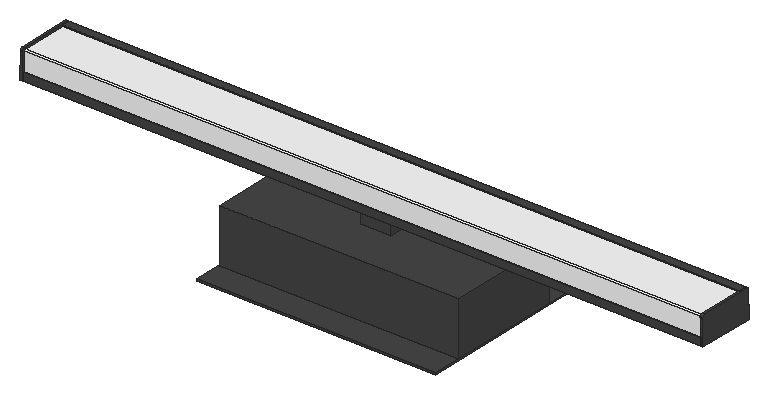
Revit family "AFX-Tonya-Led_Vanity", category Lighting Fixtures, host Face, Revit 2021
Family settings
  Host = Face
  Round Connector Dimension = Use Diameter
  Part Type = Normal
  Cut with Voids When Loaded = No
  Light Source = Yes
  Shared = No
  Room Calculation Point = No
Parameters (values of type "TNYV1803LAJUDBK")
  Wattage Comments = "9"
  Wattage = 9.2903 W
  built-in parameter 1150110 = 1 (stored number, unit not read)
  Voltage = 120 V
  URL = "https://www.afxinc.com/"
  Type Comments = "Tonya"  # constant formula
  built-in parameter 1114217 = 1 (stored number, unit not read)
  Tilt Angle = 0.00°
  built-in parameter 1150109 = 1 (stored number, unit not read)
  built-in parameter 1150134 = 3
  Sustainability = "https://lamprecycle.org/en/"
  built-in parameter 1150113 = 1 (stored number, unit not read)
  Supports Finish = AFX - Black Steel
  Revit File Built By = "https://servex-us.com/servex-revit/"
  Product Documentation Link = "https://www.afxinc.com/products/productDetail.cfm?productID=2640"
  Power Factor = 1
  Photometric Web File = "TNYV1803LAJUDBK_3000K_IES.IES"
  built-in parameter 1150142 = "IESNA:LM-63-2002\r\n[TEST] LCZP23110283\r\n[TESTLAB] LCTECH 231227103001\r\n[TESTDATE] 2023/12/30\r\n[ISSUEDATE] 2023/12/30\r\n[MANUFAC] 革星\r\n[LUMCAT] LVF-091801D-D-5\r\n[LUMINAIRE] LED灯??\r\n[LAMPCAT] \r\n[LAMP] \r\n[LumELE] 120.06 0.079 9.16 0.9682\r\nTILT=NONE\r\n1 732.13 1 37 13 1 2 .01 .45 .03\r\n1 1 9.16\r\n0.00 5.00 10.00 15.00 20.00 25.00 30.00 35.00 40.00 45.00 50.00 55.00 60.00 65.00 70.00 75.00 80.00 85.00 90.00 95.00 100.00 105.00 110.00 115.00 120.00 125.00 130.00 135.00 140.00 145.00 150.00 155.00 160.00 165.00 170.00 175.00 180.00\r\n0.00 15.00 30.00 45.00 60.00 75.00 90.00 105.00 120.00 135.00 150.00 165.00 180.00\r\n56.512 60.303 72.31 87.837 104.357 120.426 135.051 149.314 162.313 173.778 183.799 192.285 199.145 204.201 207.992 209.708 209.798 208.263 206.097 203.569 200.59 195.715 189.125 180.91 171.702 161.862 150.217 137.307 123.044 107.427 91.719 75.379 58.317 \r\n40.985 24.464 8.305 0.235\r\n56.512 60.111 71.27 86.072 101.505 117.073 131.741 145.329 157.341 168.231 177.679 185.373 191.852 196.621 199.591 200.76 200.67 199.276 197.16 194.866 191.941 187.397 181.232 173.584 164.765 154.507 143.528 131.066 117.927 102.764 86.836 71.179 55.746 \r\n39.234 22.091 7.469 0.235\r\n56.512 59.486 68.724 81.028 94.908 107.887 121.137 132.763 143.489 152.818 160.93 167.464 172.512 176.027 178.145 178.776 178.10 176.253 174.09 172.108 169.359 165.393 159.76 153.045 144.888 136.146 126.051 114.875 102.527 89.458 75.126 61.922 47.546 \r\n33.349 17.261 5.499 0.235\r\n56.512 58.215 64.518 73.281 83.251 93.533 103.10 111.861 119.866 126.883 132.472 137.164 140.606 142.796 143.555 142.973 141.408 139.17 137.022 135.096 132.815 129.506 125.08 119.715 113.322 106.035 98.078 88.911 78.227 68.257 57.529 46.668 34.998 24.001 \r\n12.334 3.257 0.235\r\n56.512 57.907 61.152 66.111 73.97 77.38 82.70 87.93 92.347 96.044 98.885 100.869 101.861 101.863 101.188 99.477 96.908 93.937 91.734 90.251 88.585 86.196 83.13 79.164 74.837 69.383 62.941 56.493 49.91 42.922 36.026 28.27 19.571 12.537 5.459 1.625 0.235\r\n56.512 57.05 57.634 58.578 59.478 60.333 61.009 61.459 61.55 61.281 60.473 59.08 57.148 54.811 51.80 48.428 44.833 41.149 38.727 37.381 36.482 35.358 33.828 31.939 29.645 27.262 24.697 21.908 18.894 15.206 11.832 8.326 5.22 3.241 1.396 0.54 0.235\r\n56.512 56.291 55.495 54.257 52.488 50.41 47.933 44.926 41.654 38.073 34.225 29.848 25.47 20.871 15.83 11.055 6.633 3.228 1.327 0.575 0.575 0.398 0.354 0.31 0.265 0.221 0.177 0.221 0.177 0.221 0.31 0.354 0.354 0.442 0.442 0.442 0.235\r\n56.512 55.704 54.626 53.098 51.076 48.694 45.818 42.717 39.256 35.39 31.479 26.805 22.489 17.634 12.824 7.789 2.839 0.991 0.494 0.54 0.45 0.404 0.36 0.225 0.135 0.09 0.045 0.00 0.045 0.045 0.09 0.09 0.179 0.269 0.224 0.359 0.235\r\n56.512 55.747 54.487 52.731 50.705 48.183 45.345 42.011 38.498 34.714 30.389 26.107 21.602 16.243 8.672 4.061 2.168 1.173 0.901 0.901 0.811 0.676 0.632 0.451 0.451 0.18 0.045 0.00 0.09 0.00 0.045 0.09 0.135 0.135 0.224 0.36 0.235\r\n56.512 55.083 53.741 51.816 49.714 47.298 44.257 40.992 37.459 33.479 29.544 25.25 18.361 10.493 6.879 4.465 2.365 1.386 1.341 1.252 1.252 1.117 0.894 0.715 0.672 0.403 0.179 0.045 0.045 0.00 0.00 0.045 0.09 0.179 0.269 0.268 0.235\r\n56.512 55.476 54.124 52.186 50.791 47.32 44.346 40.831 37.316 33.395 29.25 21.859 13.793 9.961 7.302 4.823 2.615 1.803 1.758 1.712 1.667 1.487 1.262 1.037 0.766 0.541 0.361 0.135 0.09 0.045 0.135 0.09 0.045 0.18 0.225 0.27 0.235\r\n56.512 55.342 54.037 52.147 49.852 47.197 44.048 40.673 38.422 33.114 26.86 18.806 12.957 10.303 7.513 4.994 3.465 1.935 1.98 2.07 1.98 1.665 1.44 1.26 0.90 0.675 0.45 0.18 0.09 0.09 0.09 0.045 0.09 0.18 0.18 0.27 0.235\r\n56.512 55.429 53.894 51.908 49.561 46.943 43.964 40.714 37.283 33.402 26.36 18.145 16.34 10.472 7.673 4.965 2.799 2.167 2.167 2.076 1.986 1.805 1.444 1.264 1.083 0.632 0.451 0.181 0.181 0.09 0.181 0.181 0.181 0.181 0.181 0.271 0.235\r\n"
  Model = "TNYV1803LAJUDBK"
  Manufacturer = "AFX Inc"  # constant formula
  built-in parameter 1150105 = 109.82 (stored number, unit not read)
  Lumens = 1380 lm
  built-in parameter 1150115 = 1 (stored number, unit not read)
  built-in parameter 1150137 = (empty or 0)
  built-in parameter 1150139 = (empty or 0)
  Length = 18"
  built-in parameter 1150112 = 1 (stored number, unit not read)
  built-in parameter 1150114 = 1 (stored number, unit not read)
  Lamp = ""
  Keynote = "12500"  # constant formula
  built-in parameter 1150132 = (empty or 0)
  built-in parameter 1150102 = (empty or 0)
  built-in parameter 1150107 = 3200 (stored number, unit not read)
  built-in parameter 1150138 = (empty or 0)
  built-in parameter 1150106 = 1.0982 (stored number, unit not read)
  Housing Finish = AFX - Black Steel
  Height = 3"
  H SU = 3 7/8"
  Emit from Line Length = 18"
  built-in parameter 1150104 = 13.8 (stored number, unit not read)
  Dist SU = 7 1/8"
  Dimming Lamp Color Temperature Shift = <None>
  Diffuser Finish = AFX - White Acrylic
  Description = "Led Vanity - 18\"L x 3\"H x 2 3/4\"D"
  Depth = 2 3/4"
  Default Elevation = 48"
  Cover Finish = AFX - Black Steel
  Colour Rendering Index = "80"
  Color Filter = 16777215
  built-in parameter 1114218 = 1 (stored number, unit not read)
  built-in parameter 1150133 = 10 (stored number, unit not read)
  Assembly Code = "D5020200"
  Apparent Load = 0 VA
Reference planes (in)
  plane 1 "Center (Front/Back)": y = 0.13952
  plane 2: z = 0
  plane 3 "Center (Left/Right)": x = 0
  plane 4: x = -9
  plane 5: x = 9
  plane 6: y = 1.51452
  plane 7: y = -1.23548
  plane 8: z = 3
  plane 9: x = -8.93701
  plane 10: x = 8.93701
  plane 11: z = 1.45669
  plane 12: z = 0.03937
Forms (in)
  Extrusion 1, solid, material "AFX - Black Steel" <- "Cover Finish"
    sketch origin (0, 0, 0) x (0, 1, 0) y (0, 0, 1)
      loop
        line (0.88755, 2.79528) -> (-0.53093, 2.79528)
        arc (-0.53093, 2.79528) -> (-0.58579, 2.77255) -> (-0.60851, 2.71769) r 0.07758
        line (-0.60851, 2.71769) -> (-0.60851, 2.04725) -> (0.88755, 2.04725) -> (0.88755, 2.79528)
    from -9 to -8.93701
  Extrusion 2, solid, material "AFX - Black Steel" <- "Cover Finish"
    sketch origin (0, 0, 0) x (0, 1, 0) y (0, 0, -1)
      loop
        line (0.88755, -2.79528) -> (0.88755, -2.04725) -> (-0.60851, -2.04725) -> (-0.60851, -2.71769)
        arc (-0.60851, -2.71769) -> (-0.58579, -2.77255) -> (-0.53093, -2.79528) r 0.07758
        line (-0.53093, -2.79528) -> (0.88755, -2.79528)
    from -9 to -8.93701
  Extrusion 3, solid, material "AFX - White Acrylic" <- "Diffuser Finish"
    sketch origin (0, 0, 0) x (0, 1, 0) y (0, 0, 1)
      loop
        line (0.83637, 2.75591) -> (-0.53171, 2.75591)
        arc (-0.53171, 2.75591) -> (-0.55818, 2.74494) -> (-0.56914, 2.71847) r 0.03743
        line (-0.56914, 2.71847) -> (-0.56914, 2.09843) -> (-0.5219, 2.09843) -> (-0.5219, 2.70866) -> (0.83637, 2.70866) -> (0.83637, 2.75591)
    from -8.93701 to 8.93701
  Extrusion 4, solid, material "AFX - Black Steel" <- "Cover Finish"
    sketch origin (0, 0, 0) x (0, 1, 0) y (0, 0, 1)
      loop
        line (0.6907, 2.79528) -> (0.6907, 2.75591) -> (0.84818, 2.75591) -> (0.84818, 2.69685) -> (-0.5219, 2.69685) -> (-0.5219, 2.08662) -> (-0.56914, 2.08662) -> (-0.56914, 2.24409) -> (-0.60851, 2.24409) -> (-0.60851, 2.04725) -> (0.88755, 2.04725) -> (0.88755, 2.79528) -> (0.6907, 2.79528)
    from -8.93701 to 8.93701
  Extrusion 5, solid, material "AFX - Black Steel" <- "Housing Finish"
    sketch origin (0, 0, 0) x (1, 0, 0) y (0, 1, 0)
      loop
        line (-0.3937, -0.13607) -> (0.3937, -0.13607) -> (0.3937, 0.65133) -> (-0.3937, 0.65133) -> (-0.3937, -0.13607)
    from 1.45669 to 2.04725
  Extrusion 6, solid, material "AFX - Black Steel" <- "Supports Finish"
    sketch origin (0, 0, 0) x (1, 0, 0) y (0, 1, 0)
      loop
        line (3.14961, -2.10457) -> (3.14961, 2.38362) -> (-3.14961, 2.38362) -> (-3.14961, -2.10457) -> (3.14961, -2.10457)
    from 0 to 0.03937
  Extrusion 7, solid, material "AFX - Black Steel" <- "Housing Finish"
    sketch origin (0, 0, 0) x (1, 0, 0) y (0, 1, 0)
      loop
        line (3.14961, 1.63558) -> (-3.14961, 1.63558) -> (-3.14961, -1.35654) -> (3.14961, -1.35654) -> (3.14961, 1.63558)
    from 0.03937 to 1.45669
Lines and regions (in)
  symbolic lines
    curve 1: line (9, 0.13952, 2.79528) -> (-9, 0.13952, 2.79528)
    curve 2: line (-9, 0.13952, 2.04725) -> (9, 0.13952, 2.04725)
    curve 3: line (9, 0.13952, 2.04725) -> (9, 0.13952, 2.79528)
    curve 4: line (8.93701, 0.13952, 2.79528) -> (8.93701, 0.13952, 2.04725)
    curve 5: line (-9, 0.13952, 2.79528) -> (-9, 0.13952, 2.04725)
    curve 6: line (-8.93701, 0.13952, 2.79528) -> (-8.93701, 0.13952, 2.04725)
    curve 7: line (0.3937, 0.13952, 1.45669) -> (0.3937, 0.13952, 2.04725)
    curve 8: line (-0.3937, 0.13952, 1.45669) -> (-0.3937, 0.13952, 2.04725)
    curve 9: line (3.14961, 0.13952, 1.45669) -> (3.14961, 0.13952, 0)
    curve 10: line (3.14961, 0.13952, 0) -> (-3.14961, 0.13952, 0)
    curve 11: line (-3.14961, 0.13952, 0) -> (-3.14961, 0.13952, 1.45669)
    curve 12: line (-3.14961, 0.13952, 1.45669) -> (3.14961, 0.13952, 1.45669)
Dimensions and locks (in)
  plane 6 to plane 1 "Center (Front/Back)" = 1 3/8"
  "Length": plane 4 to plane 5
  equal spacing: plane 4, plane 3 "Center (Left/Right)", plane 5
  equal spacing: plane 7, plane 1 "Center (Front/Back)", plane 6
  "Depth": plane 7 to plane 6
  "Height": plane 8 to plane 2
  locked: plane 10 to plane 5 at 0.06299
  locked: plane 4 to plane 9 at 0.06299
  Extrusion 5 sketch curve to plane 3 "Center (Left/Right)" to Extrusion 5 sketch curve = 0.3937" locked, 0.3937" locked
  locked: plane 6 to Extrusion 5 sketch curve at 0.86319
  locked: plane 7 to Extrusion 5 sketch curve at 1.09941
  equal spacing: Extrusion 6 sketch curve, plane 3 "Center (Left/Right)", Extrusion 6 sketch curve, locked at 3.14961 each
  equal spacing: Extrusion 6 sketch curve, plane 1 "Center (Front/Back)", Extrusion 6 sketch curve, locked at 2.24409 each
  equal spacing: Extrusion 7 sketch curve, plane 3 "Center (Left/Right)", Extrusion 7 sketch curve, locked at 3.14961 each
  equal spacing: Extrusion 7 sketch curve, plane 1 "Center (Front/Back)", Extrusion 7 sketch curve, locked at 1.49606 each
  plane 11 to plane 12 to plane 2 = 1.41732" locked, 0.03937" locked
  aligned and locked: host face to plane 2
  aligned and locked: level to host face
  aligned and locked: plane 4 to Extrusion 1
  aligned and locked: Extrusion 1 to plane 4
  aligned and locked: Extrusion 1 to plane 9
  aligned and locked: plane 5 to Extrusion 2
  aligned and locked: Extrusion 2 to plane 10
  aligned and locked: plane 9 to Extrusion 3
  aligned and locked: plane 10 to Extrusion 3
  aligned and locked: plane 9 to Extrusion 4
  aligned and locked: plane 10 to Extrusion 4
  aligned and locked: Extrusion 5 to Extrusion 4
  aligned and locked: plane 11 to Extrusion 5
  aligned and locked: Extrusion 7 to plane 11
  aligned and locked: plane 12 to Extrusion 7
Automatic sketch dimensions
  host sketch curve to host sketch curve = 96"  (x2)
  Extrusion 1 sketch curve to plane 7 = 0.62697"
  Extrusion 1 sketch curve to Extrusion 1 sketch curve = 0.07758"
  Extrusion 1 sketch curve to plane 8 = 0.20472"
  Extrusion 1 sketch curve to plane 6 = 0.62697"
  Extrusion 1 sketch curve to Extrusion 1 sketch curve = 0.67045"
  Extrusion 2 sketch curve to plane 7 = 0.62697"
  Extrusion 2 sketch curve to Extrusion 2 sketch curve = 0.07758"
  Extrusion 2 sketch curve to plane 8 = 0.20472"
  Extrusion 2 sketch curve to plane 6 = 0.62697"
  Extrusion 2 sketch curve to Extrusion 2 sketch curve = 0.67045"
  Extrusion 3 sketch curve to plane 7 = 0.66634"
  Extrusion 3 sketch curve to Extrusion 3 sketch curve = 0.03743"
  Extrusion 3 sketch curve to Extrusion 3 sketch curve = 0.04724"
  Extrusion 3 sketch curve to plane 6 = 0.67815"
  Extrusion 3 sketch curve to Extrusion 3 sketch curve = 0.61024"
  Extrusion 3 sketch curve to Extrusion 3 sketch curve = 0.00981"
  Extrusion 3 sketch curve to plane 8 = 0.90157"
  Extrusion 4 sketch curve to plane 7 = 0.62697"
  Extrusion 4 sketch curve to Extrusion 4 sketch curve = 0.03937"  (x3)
  Extrusion 4 sketch curve to Extrusion 4 sketch curve = 0.04724"
  Extrusion 4 sketch curve to plane 8 = 0.24409"
  Extrusion 4 sketch curve to plane 1 "Center (Front/Back)" = 0.55118"
  Extrusion 4 sketch curve to Extrusion 4 sketch curve = 0.15748"  (x2)
  Extrusion 4 sketch curve to plane 8 = 0.30315"
  Extrusion 4 sketch curve to Extrusion 4 sketch curve = 0.45276"
  Extrusion 4 sketch curve to Extrusion 4 sketch curve = 0.64961"
  Extrusion 6 sketch curve to plane 3 "Center (Left/Right)" = 3.14961"
  plane 7 to Extrusion 6 sketch curve = 0.86909"
  Extrusion 7 sketch curve to plane 3 "Center (Left/Right)" = 3.14961"
  plane 7 to Extrusion 7 sketch curve = 0.12106"
  plane 4 to curve 1 = 0"
  plane 9 to curve 6 = 0"
  curve 10 to level = 0"
  curve 7 to plane 11 = 0"
  curve 4 to plane 10 = 0"
  curve 3 to plane 5 = 0"
  curve 10 to plane 3 "Center (Left/Right)" = 3.14961"
  plane 3 "Center (Left/Right)" to curve 10 = 3.14961"
  curve 5 to plane 11 = 0.59055"
  curve 5 to plane 8 = 0.20472"
  curve 8 to plane 3 "Center (Left/Right)" = 0.3937"
  plane 3 "Center (Left/Right)" to curve 7 = 0.3937"
  curve 4 to curve 1 = 0"
  curve 6 to curve 1 = 0"
Connectors (in)
  electrical at (0, 0.13952, 0.03937), driven by "Voltage", driven by "Apparent Load", driven by "Power Factor"
    settings: on Extrusion 6, index 1, voltage 120 V, apparent load 0 VA, apparent load phase1 0 VA, apparent load phase2 0 VA, apparent load phase3 0 VA, power factor 1, load classification "Lighting", number of poles 1, system type 31, power factor state 1, is connector primary yes, connector utility no, sub classification motor no, connector description ""
Types (4): name | Product Documentation Link | Photometric Web File | built-in parameter 1150142 | Model | Length | Emit from Line Length | Description
  (no name) | "https://www.afxinc.com/products/productDetail.cfm?productID=2640" | "TNYV1803LAJUDBK_3000K_IES.IES" | "IESNA:LM-63-2002\r\n[TEST] LCZP23110283\r\n[TESTLAB] LCTECH 231227103001\r\n[TESTDATE] 2023/12/30\r\n[ISSUEDATE] 2023/12/30\r\n[MANUFAC] 革星\r\n[LUMCAT] LVF-091801D-D-5\r\n[LUMINAIRE] LED灯??\r\n[LAMPCAT] \r\n[LAMP] \r\n[LumELE] 120.06 0.079 9.16 0.9682\r\nTILT=NONE\r\n1 732.13 1 37 13 1 2 .01 .45 .03\r\n1 1 9.16\r\n0.00 5.00 10.00 15.00 20.00 25.00 30.00 35.00 40.00 45.00 50.00 55.00 60.00 65.00 70.00 75.00 80.00 85.00 90.00 95.00 100.00 105.00 110.00 115.00 120.00 125.00 130.00 135.00 140.00 145.00 150.00 155.00 160.00 165.00 170.00 175.00 180.00\r\n0.00 15.00 30.00 45.00 60.00 75.00 90.00 105.00 120.00 135.00 150.00 165.00 180.00\r\n56.512 60.303 72.31 87.837 104.357 120.426 135.051 149.314 162.313 173.778 183.799 192.285 199.145 204.201 207.992 209.708 209.798 208.263 206.097 203.569 200.59 195.715 189.125 180.91 171.702 161.862 150.217 137.307 123.044 107.427 91.719 75.379 58.317 \r\n40.985 24.464 8.305 0.235\r\n56.512 60.111 71.27 86.072 101.505 117.073 131.741 145.329 157.341 168.231 177.679 185.373 191.852 196.621 199.591 200.76 200.67 199.276 197.16 194.866 191.941 187.397 181.232 173.584 164.765 154.507 143.528 131.066 117.927 102.764 86.836 71.179 55.746 \r\n39.234 22.091 7.469 0.235\r\n56.512 59.486 68.724 81.028 94.908 107.887 121.137 132.763 143.489 152.818 160.93 167.464 172.512 176.027 178.145 178.776 178.10 176.253 174.09 172.108 169.359 165.393 159.76 153.045 144.888 136.146 126.051 114.875 102.527 89.458 75.126 61.922 47.546 \r\n33.349 17.261 5.499 0.235\r\n56.512 58.215 64.518 73.281 83.251 93.533 103.10 111.861 119.866 126.883 132.472 137.164 140.606 142.796 143.555 142.973 141.408 139.17 137.022 135.096 132.815 129.506 125.08 119.715 113.322 106.035 98.078 88.911 78.227 68.257 57.529 46.668 34.998 24.001 \r\n12.334 3.257 0.235\r\n56.512 57.907 61.152 66.111 73.97 77.38 82.70 87.93 92.347 96.044 98.885 100.869 101.861 101.863 101.188 99.477 96.908 93.937 91.734 90.251 88.585 86.196 83.13 79.164 74.837 69.383 62.941 56.493 49.91 42.922 36.026 28.27 19.571 12.537 5.459 1.625 0.235\r\n56.512 57.05 57.634 58.578 59.478 60.333 61.009 61.459 61.55 61.281 60.473 59.08 57.148 54.811 51.80 48.428 44.833 41.149 38.727 37.381 36.482 35.358 33.828 31.939 29.645 27.262 24.697 21.908 18.894 15.206 11.832 8.326 5.22 3.241 1.396 0.54 0.235\r\n56.512 56.291 55.495 54.257 52.488 50.41 47.933 44.926 41.654 38.073 34.225 29.848 25.47 20.871 15.83 11.055 6.633 3.228 1.327 0.575 0.575 0.398 0.354 0.31 0.265 0.221 0.177 0.221 0.177 0.221 0.31 0.354 0.354 0.442 0.442 0.442 0.235\r\n56.512 55.704 54.626 53.098 51.076 48.694 45.818 42.717 39.256 35.39 31.479 26.805 22.489 17.634 12.824 7.789 2.839 0.991 0.494 0.54 0.45 0.404 0.36 0.225 0.135 0.09 0.045 0.00 0.045 0.045 0.09 0.09 0.179 0.269 0.224 0.359 0.235\r\n56.512 55.747 54.487 52.731 50.705 48.183 45.345 42.011 38.498 34.714 30.389 26.107 21.602 16.243 8.672 4.061 2.168 1.173 0.901 0.901 0.811 0.676 0.632 0.451 0.451 0.18 0.045 0.00 0.09 0.00 0.045 0.09 0.135 0.135 0.224 0.36 0.235\r\n56.512 55.083 53.741 51.816 49.714 47.298 44.257 40.992 37.459 33.479 29.544 25.25 18.361 10.493 6.879 4.465 2.365 1.386 1.341 1.252 1.252 1.117 0.894 0.715 0.672 0.403 0.179 0.045 0.045 0.00 0.00 0.045 0.09 0.179 0.269 0.268 0.235\r\n56.512 55.476 54.124 52.186 50.791 47.32 44.346 40.831 37.316 33.395 29.25 21.859 13.793 9.961 7.302 4.823 2.615 1.803 1.758 1.712 1.667 1.487 1.262 1.037 0.766 0.541 0.361 0.135 0.09 0.045 0.135 0.09 0.045 0.18 0.225 0.27 0.235\r\n56.512 55.342 54.037 52.147 49.852 47.197 44.048 40.673 38.422 33.114 26.86 18.806 12.957 10.303 7.513 4.994 3.465 1.935 1.98 2.07 1.98 1.665 1.44 1.26 0.90 0.675 0.45 0.18 0.09 0.09 0.09 0.045 0.09 0.18 0.18 0.27 0.235\r\n56.512 55.429 53.894 51.908 49.561 46.943 43.964 40.714 37.283 33.402 26.36 18.145 16.34 10.472 7.673 4.965 2.799 2.167 2.167 2.076 1.986 1.805 1.444 1.264 1.083 0.632 0.451 0.181 0.181 0.09 0.181 0.181 0.181 0.181 0.181 0.271 0.235\r\n" | "TNYV1803LAJUDBK" | 18" | 18" | "Led Vanity - 18\"L x 3\"H x 2 3/4\"D"
  TNYV1803LAJUDBK | "https://www.afxinc.com/products/productDetail.cfm?productID=2640" | "TNYV1803LAJUDBK_3000K_IES.IES" | "IESNA:LM-63-2002\r\n[TEST] LCZP23110283\r\n[TESTLAB] LCTECH 231227103001\r\n[TESTDATE] 2023/12/30\r\n[ISSUEDATE] 2023/12/30\r\n[MANUFAC] 革星\r\n[LUMCAT] LVF-091801D-D-5\r\n[LUMINAIRE] LED灯??\r\n[LAMPCAT] \r\n[LAMP] \r\n[LumELE] 120.06 0.079 9.16 0.9682\r\nTILT=NONE\r\n1 732.13 1 37 13 1 2 .01 .45 .03\r\n1 1 9.16\r\n0.00 5.00 10.00 15.00 20.00 25.00 30.00 35.00 40.00 45.00 50.00 55.00 60.00 65.00 70.00 75.00 80.00 85.00 90.00 95.00 100.00 105.00 110.00 115.00 120.00 125.00 130.00 135.00 140.00 145.00 150.00 155.00 160.00 165.00 170.00 175.00 180.00\r\n0.00 15.00 30.00 45.00 60.00 75.00 90.00 105.00 120.00 135.00 150.00 165.00 180.00\r\n56.512 60.303 72.31 87.837 104.357 120.426 135.051 149.314 162.313 173.778 183.799 192.285 199.145 204.201 207.992 209.708 209.798 208.263 206.097 203.569 200.59 195.715 189.125 180.91 171.702 161.862 150.217 137.307 123.044 107.427 91.719 75.379 58.317 \r\n40.985 24.464 8.305 0.235\r\n56.512 60.111 71.27 86.072 101.505 117.073 131.741 145.329 157.341 168.231 177.679 185.373 191.852 196.621 199.591 200.76 200.67 199.276 197.16 194.866 191.941 187.397 181.232 173.584 164.765 154.507 143.528 131.066 117.927 102.764 86.836 71.179 55.746 \r\n39.234 22.091 7.469 0.235\r\n56.512 59.486 68.724 81.028 94.908 107.887 121.137 132.763 143.489 152.818 160.93 167.464 172.512 176.027 178.145 178.776 178.10 176.253 174.09 172.108 169.359 165.393 159.76 153.045 144.888 136.146 126.051 114.875 102.527 89.458 75.126 61.922 47.546 \r\n33.349 17.261 5.499 0.235\r\n56.512 58.215 64.518 73.281 83.251 93.533 103.10 111.861 119.866 126.883 132.472 137.164 140.606 142.796 143.555 142.973 141.408 139.17 137.022 135.096 132.815 129.506 125.08 119.715 113.322 106.035 98.078 88.911 78.227 68.257 57.529 46.668 34.998 24.001 \r\n12.334 3.257 0.235\r\n56.512 57.907 61.152 66.111 73.97 77.38 82.70 87.93 92.347 96.044 98.885 100.869 101.861 101.863 101.188 99.477 96.908 93.937 91.734 90.251 88.585 86.196 83.13 79.164 74.837 69.383 62.941 56.493 49.91 42.922 36.026 28.27 19.571 12.537 5.459 1.625 0.235\r\n56.512 57.05 57.634 58.578 59.478 60.333 61.009 61.459 61.55 61.281 60.473 59.08 57.148 54.811 51.80 48.428 44.833 41.149 38.727 37.381 36.482 35.358 33.828 31.939 29.645 27.262 24.697 21.908 18.894 15.206 11.832 8.326 5.22 3.241 1.396 0.54 0.235\r\n56.512 56.291 55.495 54.257 52.488 50.41 47.933 44.926 41.654 38.073 34.225 29.848 25.47 20.871 15.83 11.055 6.633 3.228 1.327 0.575 0.575 0.398 0.354 0.31 0.265 0.221 0.177 0.221 0.177 0.221 0.31 0.354 0.354 0.442 0.442 0.442 0.235\r\n56.512 55.704 54.626 53.098 51.076 48.694 45.818 42.717 39.256 35.39 31.479 26.805 22.489 17.634 12.824 7.789 2.839 0.991 0.494 0.54 0.45 0.404 0.36 0.225 0.135 0.09 0.045 0.00 0.045 0.045 0.09 0.09 0.179 0.269 0.224 0.359 0.235\r\n56.512 55.747 54.487 52.731 50.705 48.183 45.345 42.011 38.498 34.714 30.389 26.107 21.602 16.243 8.672 4.061 2.168 1.173 0.901 0.901 0.811 0.676 0.632 0.451 0.451 0.18 0.045 0.00 0.09 0.00 0.045 0.09 0.135 0.135 0.224 0.36 0.235\r\n56.512 55.083 53.741 51.816 49.714 47.298 44.257 40.992 37.459 33.479 29.544 25.25 18.361 10.493 6.879 4.465 2.365 1.386 1.341 1.252 1.252 1.117 0.894 0.715 0.672 0.403 0.179 0.045 0.045 0.00 0.00 0.045 0.09 0.179 0.269 0.268 0.235\r\n56.512 55.476 54.124 52.186 50.791 47.32 44.346 40.831 37.316 33.395 29.25 21.859 13.793 9.961 7.302 4.823 2.615 1.803 1.758 1.712 1.667 1.487 1.262 1.037 0.766 0.541 0.361 0.135 0.09 0.045 0.135 0.09 0.045 0.18 0.225 0.27 0.235\r\n56.512 55.342 54.037 52.147 49.852 47.197 44.048 40.673 38.422 33.114 26.86 18.806 12.957 10.303 7.513 4.994 3.465 1.935 1.98 2.07 1.98 1.665 1.44 1.26 0.90 0.675 0.45 0.18 0.09 0.09 0.09 0.045 0.09 0.18 0.18 0.27 0.235\r\n56.512 55.429 53.894 51.908 49.561 46.943 43.964 40.714 37.283 33.402 26.36 18.145 16.34 10.472 7.673 4.965 2.799 2.167 2.167 2.076 1.986 1.805 1.444 1.264 1.083 0.632 0.451 0.181 0.181 0.09 0.181 0.181 0.181 0.181 0.181 0.271 0.235\r\n" | "TNYV1803LAJUDBK" | 18" | 18" | "Led Vanity - 18\"L x 3\"H x 2 3/4\"D"
  TNYV2403LAJUDBK | "https://www.afxinc.com/products/productDetail.cfm?productID=2641" | "TNYV2403LAJUDBK_3000K_IES.IES" | "IESNA:LM-63-2002\r\n[TEST] LCZP23110284\r\n[TESTLAB] LCTECH 231227103002\r\n[TESTDATE] 2023/12/29\r\n[ISSUEDATE] 2023/12/29\r\n[MANUFAC] 革星\r\n[LUMCAT] LVF-122401D-D-5\r\n[LUMINAIRE] LED灯??\r\n[LAMPCAT] \r\n[LAMP] \r\n[LumELE] 120.08 0.105 12.23 0.9709\r\nTILT=NONE\r\n1 971.71 1 37 13 1 2 .01 .6 .03\r\n1 1 12.23\r\n0.00 5.00 10.00 15.00 20.00 25.00 30.00 35.00 40.00 45.00 50.00 55.00 60.00 65.00 70.00 75.00 80.00 85.00 90.00 95.00 100.00 105.00 110.00 115.00 120.00 125.00 130.00 135.00 140.00 145.00 150.00 155.00 160.00 165.00 170.00 175.00 180.00\r\n0.00 15.00 30.00 45.00 60.00 75.00 90.00 105.00 120.00 135.00 150.00 165.00 180.00\r\n76.624 84.967 101.833 124.231 145.268 166.578 186.527 204.935 221.53 235.313 248.189 258.799 267.413 273.761 277.66 279.202 278.385 275.846 272.673 269.318 264.421 257.711 247.736 237.126 224.25 210.104 194.054 177.55 158.326 137.923 116.704 94.488 71.274\r\n 48.151 25.934 7.708 0.27\r\n76.624 84.106 100.873 120.57 142.07 161.226 180.382 197.87 213.556 227.483 239.337 249.298 256.645 262.279 265.525 266.652 265.975 263.542 260.386 257.276 252.544 245.828 237.084 226.627 213.781 200.62 185.16 168.167 149.732 130.892 110.474 89.65 67.70 \r\n44.487 24.339 7.302 0.27\r\n76.624 83.242 97.344 114.299 132.48 150.344 166.983 182.353 195.865 207.428 217.219 225.562 231.955 236.262 238.301 238.438 236.67 233.859 230.959 227.92 223.749 217.539 209.467 200.083 188.93 176.281 162.723 147.944 131.486 114.03 95.577 76.895 57.809 \r\n37.406 19.724 4.31 0.27\r\n76.624 80.117 90.341 102.963 115.54 129.541 141.275 153.048 162.74 171.361 178.204 183.312 187.313 189.22 189.618 188.418 185.71 182.289 179.08 176.68 172.857 167.789 161.432 153.61 144.994 134.685 123.881 111.66 98.957 84.555 70.959 55.85 39.584 25.189 \r\n11.887 2.216 0.27\r\n76.624 79.861 85.705 92.988 103.532 108.363 115.512 121.851 127.068 131.70 134.488 136.241 137.228 136.643 134.845 132.102 128.147 123.741 120.327 117.901 115.025 111.337 106.481 100.953 94.657 87.418 79.234 70.599 61.473 51.851 41.24 30.853 21.903 12.509\r\n 4.504 0.765 0.27\r\n76.624 78.15 79.945 81.786 83.536 84.928 85.869 86.408 86.182 85.508 83.981 81.824 78.724 74.907 70.235 65.071 59.726 54.069 50.389 48.639 46.933 44.733 42.262 39.433 36.379 32.651 28.879 24.253 20.032 16.034 12.082 8.264 4.492 1.977 0.584 0.584 0.27\r\n76.624 76.315 75.343 73.531 71.321 68.361 64.826 60.804 56.385 51.436 45.824 40.212 33.981 27.751 20.946 14.406 8.219 3.27 0.884 0.354 0.398 0.398 0.309 0.309 0.265 0.221 0.265 0.221 0.265 0.354 0.398 0.486 0.53 0.53 0.486 0.574 0.27\r\n76.624 75.188 73.571 71.55 68.767 65.533 61.986 57.405 52.869 47.705 42.271 36.432 30.145 23.991 17.166 11.057 4.138 1.124 0.718 0.719 0.718 0.584 0.494 0.449 0.314 0.225 0.09 0.045 0.045 0.089 0.09 0.179 0.224 0.404 0.359 0.494 0.27\r\n76.624 75.006 73.434 71.186 68.445 65.03 61.163 56.713 51.813 46.507 41.29 34.997 29.421 22.948 14.046 7.019 3.647 1.486 1.215 1.258 1.169 1.079 0.855 0.765 0.54 0.405 0.225 0.135 0.09 0.00 0.18 0.18 0.224 0.314 0.359 0.45 0.27\r\n76.624 73.58 71.89 69.623 66.824 63.399 59.578 55.087 50.554 45.264 39.931 34.419 26.725 17.086 11.546 7.456 3.947 1.955 1.955 1.866 1.643 1.556 1.289 1.155 1.024 0.535 0.355 0.178 0.134 0.089 0.133 0.178 0.221 0.357 0.399 0.444 0.27\r\n76.624 75.128 73.36 71.002 69.239 64.43 60.349 55.906 50.964 45.84 40.401 32.512 22.991 16.459 12.062 7.936 4.308 2.267 2.358 2.267 2.176 2.04 1.723 1.451 1.179 0.771 0.499 0.227 0.181 0.136 0.181 0.136 0.227 0.227 0.408 0.453 0.27\r\n76.624 75.001 73.153 70.765 67.655 64.004 60.082 55.62 52.465 45.659 39.259 29.748 21.004 16.722 12.17 8.068 5.634 2.659 2.659 2.659 2.434 2.209 1.983 1.623 1.217 0.901 0.496 0.361 0.18 0.18 0.225 0.27 0.225 0.27 0.361 0.451 0.27\r\n76.624 74.992 73.269 70.73 67.828 64.11 60.302 55.768 50.871 46.065 38.539 29.199 27.476 17.229 12.604 8.342 4.443 2.72 2.72 2.72 2.63 2.267 1.995 1.723 1.27 0.907 0.544 0.453 0.181 0.181 0.181 0.181 0.181 0.363 0.363 0.453 0.27\r\n" | "TNYV2403LAJUDBK" | 24" | 24" | "Led Vanity - 24\"L x 3\"H x 2 3/4\"D"
